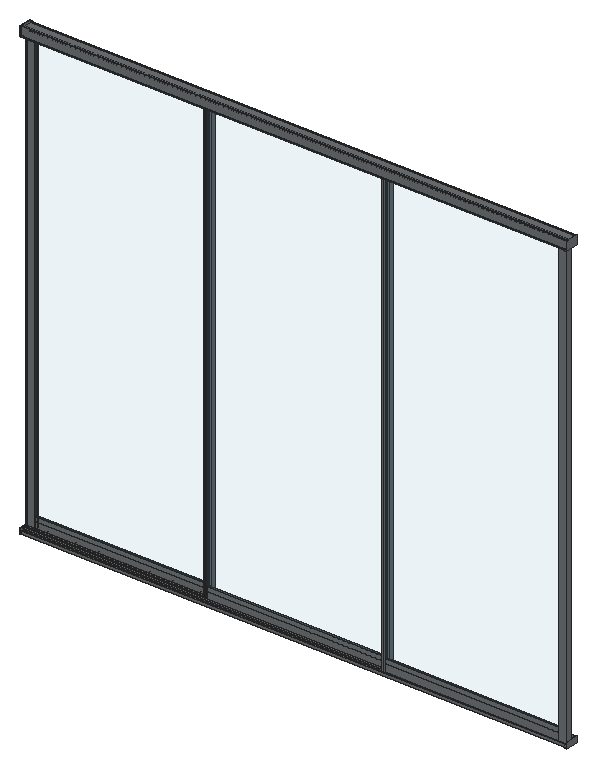
Revit family "Verano_V762_Talamanca_GM_R21", category Generic Models, Revit 2021
Family settings
  Can host rebar = No
  Round Connector Dimension = Use Diameter
  Part Type = Normal
  Work Plane-Based = No
  Always vertical = Yes
  Cut with Voids When Loaded = No
  Shared = No
  Room Calculation Point = No
Parameters (values of type "3 Track")
  Width [instance] = Overall Width Constraint  # 3000 mm
  Warning - Width [instance] = if(or(Width Input < Minimal Width, Width Input > Maximal Width), 1 = 1, 1 = 0)  # no
  Warning - Height [instance] = if(or(Height Input < Minimal Height, Height Input > Maximal Height), 1 = 1, 1 = 0)  # no
  URL = "https://verano.nl/catalogus/windschermen-schuttingen"
  TRACKS = 3
  Segment Width Calc [instance] = (Overall Width Constraint + (TRACKS - 1) * 30 mm) / TRACKS  # 1020 mm
  Segment Width [instance] = if(TRACKS = 3, Overall Width Constraint / 3 + 20.8 mm, if(TRACKS = 4, Overall Width Constraint / 4 + 20.8 mm, if(TRACKS = 5, Overall Width Constraint / 5 + 20.8 mm, Overall Width Constraint / 6 + 20.8 mm)))  # 1020.8 mm
  Panel Material [instance] = Glass
  Overall Width Constraint [instance] = if(Width Input < Minimal Width, Minimal Width, if(Width Input > Maximal Width, Maximal Width, Width Input))  # 3000 mm
  Width Input [instance] = 3000 mm
  Overall Height Constraint [instance] = if(Height Input < Minimal Height, Minimal Height, if(Height Input > Maximal Height, Maximal Height, Height Input))  # 2500 mm
  Height Input [instance] = 2500 mm
  Opening Minimum = 0 mm  # constant formula
  Opening Maximum [instance] = Overall Width Constraint - Segment Width Calc  # 1980 mm
  Offset 6 [instance] = (Segment Width Calc - 30 mm) * Closing Percentage % / 100 * 5  # 4950 mm
  Offset 5 [instance] = (Segment Width Calc - 30 mm) * Closing Percentage % / 100 * 4  # 3960 mm
  Offset 4 [instance] = (Segment Width Calc - 30 mm) * Closing Percentage % / 100 * 3  # 2970 mm
  Offset 3 [instance] = (Segment Width Calc - 30 mm) * Closing Percentage % / 100 * 2  # 1980 mm
  Offset 2 [instance] = (Segment Width Calc - 30 mm) * Closing Percentage % / 100  # 990 mm
  Offset 1 [instance] = 0 mm  # constant formula
  Model = "V762 Talamanca"
  Maximal Height = 3000 mm  # constant formula
  Minimal Width = if([3 Track], 2000 mm, if([4 Track], 3000 mm, if([5 Track], 4000 mm, 4500 mm)))  # 2000 mm
  Minimal Height = 1000 mm  # constant formula
  Maximal Width = if([3 Track], 3250 mm, if([4 Track], 4500 mm, if([5 Track], 5500 mm, 6000 mm)))  # 3250 mm
  Manufacturer = "Verano Systems"
  Height [instance] = Overall Height Constraint  # 2500 mm
  Frame Material = V_Antracite
  Default Elevation = 0 mm
  Closing Percentage % [instance] = 100
  6 Track = TRACKS = 6  # no
  5 Track = TRACKS = 5  # no
  4 Track = TRACKS = 4  # no
  3rd = if(or([4 Track], [5 Track], [6 Track]), 1 = 1, 1 = 0)  # no
  3 Track = TRACKS = 3  # yes
Reference planes
  plane 1 "Center (Front/Back)": y = 0
  plane 2: z = 0
  plane 3 "Center (Left/Right)": x = 0
  plane 4: x = -1500
  plane 5: x = 1500
  plane 6: z = 2500
  plane 7: y = -14.1
  plane 8: y = -32.599
  plane 9: y = -51.097
  plane 10 "1": x = -1500
  plane 11 "2": x = -510
  plane 12 "3": x = 480
  plane 13: x = 1470
  plane 14: x = 2460
  plane 15: x = 3450
  plane 16: y = -69.596
  plane 17: y = -88.095
  plane 18: y = -106.612
Dimensions and locks
  equal spacing: plane 4, plane 3 "Center (Left/Right)", plane 5
  "Overall Width Constraint": plane 4 to plane 5
  "Overall Height Constraint": plane 6 to level
  locked: plane 1 "Center (Front/Back)" to plane 7 at 14.1
  "Offset 1": plane 4 to plane 10 "1"
  "Offset 2": plane 4 to plane 11 "2"
  "Offset 3": plane 4 to plane 12 "3"
  "Offset 4": plane 4 to plane 13
  "Offset 5": plane 4 to plane 14
  "Offset 6": plane 4 to plane 15
  aligned and locked: level to plane 2
  aligned and locked: nested 1 to plane 1 "Center (Front/Back)"
  aligned and locked: plane 3 "Center (Left/Right)" to nested 2
  aligned and locked: plane 1 "Center (Front/Back)" to nested 2
  aligned and locked: plane 7 to nested 3
  aligned and locked: plane 10 "1" to nested 3
  aligned and locked: plane 11 "2" to nested 4
  aligned and locked: plane 12 "3" to nested 5
  aligned and locked: plane 9 to nested 5
  aligned and locked: plane 12 "3" to nested 6
  aligned and locked: plane 16 to nested 7
  aligned and locked: plane 13 to nested 7
  aligned and locked: plane 17 to nested 9
  aligned and locked: plane 16 to nested 10
  aligned and locked: plane 17 to nested 11
  aligned and locked: plane 14 to nested 11
  aligned and locked: plane 18 to nested 12
  aligned and locked: plane 15 to nested 12
  aligned and locked: plane 13 to nested 10
  aligned and locked: plane 13 to nested 8
  aligned and locked: plane 14 to nested 9
Nested families
  nested 1: "Bottom Guides" at (0, 0, 0) x (-1, 0, 0) z (0, 0, 1), type "Bottom Guides"
    with Length 3000 mm
  nested 2: "Top Tracks" at (0, 0, 2500), built-in parameter 1001360 <- "Overall Height Constraint", type "Top Tracks"
    with Length 3000 mm
  nested 3: "Glass w Frame" at (-990, -14.1, 0), type "Left"
    with Width 1020 mm, Vertical Profile Length 2430 mm, Height 2500 mm, Glass Width 920.8 mm, Glass Height 2476 mm, G3 no, G1 yes, Bottom Profile Length 1015 mm
  nested 4: "Glass w Frame" at (0.4, -32.599, 0), type "Middle"
    with Width 1020.8 mm, Vertical Profile Length 2430 mm, Height 2500 mm, Glass Height 2476 mm, Bottom Profile Length 1015.8 mm
  nested 5: "Glass w Frame" at (990.4, -51.097, 0), visible <- "3 Track", type "Right"
    with Width 1020.8 mm, Vertical Profile Length 2430 mm, Height 2500 mm, Glass Height 2476 mm, Bottom Profile Length 1015.8 mm
  nested 6: "Glass w Frame" at (990.4, -51.097, 0), visible <- "3rd", type "Middle"
    with Width 1020.8 mm, Vertical Profile Length 2430 mm, Height 2500 mm, Glass Height 2476 mm, Bottom Profile Length 1015.8 mm
  nested 7: "Glass w Frame" at (1980.4, -69.596, 0), visible <- "4 Track", type "Right"
    with Width 1020.8 mm, Vertical Profile Length 2430 mm, Height 2500 mm, Glass Height 2476 mm, Bottom Profile Length 1015.8 mm
  nested 8: "Glass w Frame" at (1980.4, -69.596, 0), visible <- "5 Track", type "Middle"
    with Width 1020.8 mm, Vertical Profile Length 2430 mm, Height 2500 mm, Glass Height 2476 mm, Bottom Profile Length 1015.8 mm
  nested 9: "Glass w Frame" at (2970.4, -88.095, 0), visible <- "5 Track", type "Right"
    with Width 1020.8 mm, Vertical Profile Length 2430 mm, Height 2500 mm, Glass Height 2476 mm, Bottom Profile Length 1015.8 mm
  nested 10: "Glass w Frame" at (1980.4, -69.596, 0), visible <- "6 Track", type "Middle"
    with Width 1020.8 mm, Vertical Profile Length 2430 mm, Height 2500 mm, Glass Height 2476 mm, Bottom Profile Length 1015.8 mm
  nested 11: "Glass w Frame" at (2970.4, -88.095, 0), visible <- "6 Track", type "Middle"
    with Width 1020.8 mm, Vertical Profile Length 2430 mm, Height 2500 mm, Glass Height 2476 mm, Bottom Profile Length 1015.8 mm
  nested 12: "Glass w Frame" at (3960.4, -106.612, 0), visible <- "6 Track", type "Right"
    with Width 1020.8 mm, Vertical Profile Length 2430 mm, Height 2500 mm, Glass Height 2476 mm, Bottom Profile Length 1015.8 mm
Definition of nested family "Bottom Guides"
  Parameters (values of type "Bottom Guides")
    Length = 4500 mm
    Frame Material = none
    Default Elevation = 0 mm
    6 = no
    5 = no
    4 = no
    3 = yes
  Reference planes
    plane 1 "Center (Front/Back)": y = 0
    plane 2: z = 0
    plane 3 "Center (Left/Right)": x = 0
    plane 4: x = 2250
    plane 5: x = -2250
    plane 6: x = -2252
    plane 7: x = 2252
  Forms (mm)
    Extrusion 1, solid, material <- "Frame Material", visible <- "3"
      sketch origin (0, 0, 0) x (0, 1, 0) y (0, 0, 1)
        loop
          arc (0, 32.1) -> (-0.9, 33) -> (-1.8, 32.1) r 0.9
          line (-1.8, 32.1) -> (-1.8, 18.803) -> (-13, 18.292) -> (-13, 27.207) -> (-11.674, 27.207) -> (-11.674, 29.242)
          arc (-11.674, 29.242) -> (-14.1, 30.477) -> (-16.526, 29.242) r 3
          line (-16.526, 29.242) -> (-16.526, 27.207) -> (-15.243, 27.207) -> (-15.243, 18.352) -> (-31.499, 17.651) -> (-31.499, 26.561) -> (-30.173, 26.561) -> (-30.173, 28.596)
          arc (-30.173, 28.596) -> (-32.599, 29.831) -> (-35.025, 28.596) r 3
          line (-35.025, 28.596) -> (-35.025, 26.561) -> (-33.699, 26.561) -> (-33.699, 17.702) -> (-49.997, 16.999) -> (-49.997, 25.915) -> (-48.671, 25.915) -> (-48.671, 27.95)
          arc (-48.671, 27.95) -> (-51.097, 29.185) -> (-53.524, 27.95) r 3
          line (-53.524, 27.95) -> (-53.524, 25.915) -> (-52.197, 25.915) -> (-52.197, 17.04) -> (-64.235, 16.62)
          arc (-64.235, 16.62) -> (-64.919, 16.315) -> (-65.2, 15.62) r 1
          line (-65.2, 15.62) -> (-65.2, 0) -> (-61.741, 0) -> (-61.339, 1.5) -> (-63.4, 1.5) -> (-63.4, 14.848) -> (-55.826, 15.112) -> (-54.356, 5) -> (-51.9, 5) -> (-51.9, 1.5) -> (-53.961, 1.5) -> (-53.559, 0) -> (-50.1, 0) -> (-50.1, 5) -> (-47.837, 5) -> (-46.494, 14.553) -> (-37.202, 14.95) -> (-35.767, 5) -> (-31.179, 5) -> (-31.179, 1.5) -> (-33.861, 1.5) -> (-33.459, 0) -> (-28, 0) -> (-28, 1.5) -> (-29.376, 1.5) -> (-29.376, 5.366) -> (-27.994, 15.199) -> (-18.7, 15.596) -> (-17.176, 5) -> (-15.333, 5) -> (-15.333, 0) -> (-11.641, 0) -> (-11.239, 1.5) -> (-13.533, 1.5) -> (-13.533, 5) -> (-11.019, 5) -> (-9.381, 16.655) -> (-1.8, 17.001) -> (-1.8, 1.5) -> (-3.861, 1.5) -> (-3.459, 0) -> (0, 0) -> (0, 32.1)
      from -2250 to 2250
    Extrusion 2, solid, material <- "Frame Material", visible <- "3"
      sketch origin (0, 0, 0) x (0, 1, 0) y (0, 0, 1)
        loop
          line (0, 0) -> (0, 32.1) -> (-65.2, 29.288) -> (-65.2, 0) -> (0, 0)
      from -2252 to -2250
    Extrusion 3, solid, material <- "Frame Material", visible <- "3"
      sketch origin (0, 0, 0) x (0, 1, 0) y (0, 0, -1)
        loop
          line (0, 0) -> (-65.2, 0) -> (-65.2, -29.288) -> (0, -32.1) -> (0, 0)
      from -2252 to -2250
    Extrusion 4, solid, material <- "Frame Material", visible <- "4"
      sketch origin (0, 0, 0) x (0, 1, 0) y (0, 0, 1)
        loop
          arc (0, 32.1) -> (-0.9, 33) -> (-1.8, 32.1) r 0.9
          line (-1.8, 32.1) -> (-1.8, 18.8) -> (-13, 18.409) -> (-13, 27.207) -> (-11.674, 27.207) -> (-11.674, 29.242)
          arc (-11.674, 29.242) -> (-14.1, 30.477) -> (-16.526, 29.242) r 3
          line (-16.526, 29.242) -> (-16.526, 27.207) -> (-15.2, 27.207) -> (-15.2, 18.348) -> (-31.499, 17.652) -> (-31.499, 26.561) -> (-30.173, 26.561) -> (-30.173, 28.596)
          arc (-30.173, 28.596) -> (-32.599, 29.831) -> (-35.025, 28.596) r 3
          line (-35.025, 28.596) -> (-35.025, 26.561) -> (-33.699, 26.561) -> (-33.699, 17.686) -> (-49.997, 17.117) -> (-49.997, 25.915) -> (-48.671, 25.915) -> (-48.671, 27.95)
          arc (-48.671, 27.95) -> (-51.097, 29.185) -> (-53.524, 27.95) r 3
          line (-53.524, 27.95) -> (-53.524, 25.915) -> (-52.197, 25.915) -> (-52.197, 17.056) -> (-68.496, 16.36) -> (-68.496, 25.269) -> (-67.17, 25.269) -> (-67.17, 27.304)
          arc (-67.17, 27.304) -> (-69.596, 28.539) -> (-72.022, 27.304) r 3
          line (-72.022, 27.304) -> (-72.022, 25.269) -> (-70.696, 25.269) -> (-70.696, 16.394) -> (-82.735, 15.974)
          arc (-82.735, 15.974) -> (-83.419, 15.669) -> (-83.7, 14.974) r 1
          line (-83.7, 14.974) -> (-83.7, 0) -> (-80.265, 0) -> (-79.835, 1.5) -> (-81.9, 1.5) -> (-81.9, 14.202) -> (-74.334, 14.466) -> (-73.004, 5) -> (-70.4, 5) -> (-70.4, 1.5) -> (-72.461, 1.5) -> (-72.059, 0) -> (-68.6, 0) -> (-68.6, 5) -> (-66.197, 5) -> (-64.831, 14.714) -> (-55.833, 15.099) -> (-54.414, 5) -> (-52, 5) -> (-52, 1.5) -> (-61.011, 1.5) -> (-60.609, 0) -> (-41.591, 0) -> (-41.189, 1.5) -> (-50.2, 1.5) -> (-50.2, 5) -> (-47.785, 5) -> (-46.317, 15.444) -> (-37.325, 15.758) -> (-35.813, 5) -> (-31.179, 5) -> (-31.179, 1.5) -> (-33.861, 1.5) -> (-33.459, 0) -> (-29.38, 0) -> (-29.374, 5.011) -> (-27.829, 16.007) -> (-18.863, 16.39) -> (-17.263, 5) -> (-15.333, 5) -> (-15.333, 0) -> (-11.659, 0) -> (-11.234, 1.5) -> (-13.533, 1.5) -> (-13.533, 5) -> (-10.937, 5) -> (-9.288, 16.737) -> (-1.8, 16.999) -> (-1.8, 1.5) -> (-3.861, 1.5) -> (-3.459, 0) -> (0, 0) -> (0, 32.1)
      from -2250 to 2250
    Extrusion 5, solid, material <- "Frame Material", visible <- "4"
      sketch origin (0, 0, 0) x (0, 1, 0) y (0, 0, 1)
        loop
          line (0, 0) -> (0, 32.1) -> (-83.7, 29.177) -> (-83.7, 0) -> (0, 0)
      from 2250 to 2252
    Extrusion 6, solid, material <- "Frame Material", visible <- "4"
      sketch origin (0, 0, 0) x (0, 1, 0) y (0, 0, -1)
        loop
          line (0, 0) -> (-83.7, 0) -> (-83.7, -29.177) -> (0, -32.1) -> (0, 0)
      from 2250 to 2252
    Extrusion 7, solid, material <- "Frame Material", visible <- "5"
      sketch origin (0, 0, 0) x (0, 1, 0) y (0, 0, 1)
        loop
          line (0, 0) -> (0, 32.1)
          arc (0, 32.1) -> (-0.9, 33) -> (-1.8, 32.1) r 0.9
          line (-1.8, 32.1) -> (-1.8, 18.8) -> (-13, 18.409) -> (-13, 27.207) -> (-11.674, 27.207) -> (-11.674, 29.242)
          arc (-11.674, 29.242) -> (-14.1, 30.477) -> (-16.526, 29.242) r 3
          line (-16.526, 29.242) -> (-16.526, 27.207) -> (-15.2, 27.207) -> (-15.2, 18.213) -> (-31.499, 17.78) -> (-31.499, 26.561) -> (-30.173, 26.561) -> (-30.173, 28.596)
          arc (-30.173, 28.596) -> (-32.599, 29.831) -> (-35.025, 28.596) r 3
          line (-35.025, 28.596) -> (-35.025, 26.561) -> (-33.699, 26.561) -> (-33.699, 17.567) -> (-49.997, 17.134) -> (-49.997, 25.915) -> (-48.671, 25.915) -> (-48.671, 27.95)
          arc (-48.671, 27.95) -> (-51.097, 29.185) -> (-53.524, 27.95) r 3
          line (-53.524, 27.95) -> (-53.524, 25.915) -> (-52.197, 25.915) -> (-52.197, 16.921) -> (-68.496, 16.488) -> (-68.496, 25.269) -> (-67.17, 25.269) -> (-67.17, 27.304)
          arc (-67.17, 27.304) -> (-69.596, 28.54) -> (-72.022, 27.304) r 3
          line (-72.022, 27.304) -> (-72.022, 25.269) -> (-70.696, 25.269) -> (-70.696, 16.275) -> (-86.995, 15.842) -> (-86.995, 24.623) -> (-85.669, 24.623) -> (-85.669, 26.658)
          arc (-85.669, 26.658) -> (-88.095, 27.894) -> (-90.521, 26.658) r 3
          line (-90.521, 26.658) -> (-90.521, 24.623) -> (-89.195, 24.623) -> (-89.195, 15.625) -> (-101.235, 15.328)
          arc (-101.235, 15.328) -> (-101.919, 15.023) -> (-102.2, 14.328) r 1
          line (-102.2, 14.328) -> (-102.2, 0) -> (-98.741, 0) -> (-98.339, 1.5) -> (-100.4, 1.5) -> (-100.4, 13.556) -> (-1.8, 16.999) -> (-1.8, 1.5) -> (-3.861, 1.5) -> (-3.459, 0) -> (0, 0)
      from -2250 to 2250
    Extrusion 8, solid, material <- "Frame Material", visible <- "5"
      sketch origin (0, 0, 0) x (0, 1, 0) y (0, 0, 1)
        loop
          line (0, 32.1) -> (-102.2, 28.531) -> (-102.2, 0) -> (0, 0) -> (0, 32.1)
      from 2250 to 2252
    Extrusion 9, solid, material <- "Frame Material", visible <- "5"
      sketch origin (0, 0, 0) x (0, 1, 0) y (0, 0, -1)
        loop
          line (0, -32.1) -> (0, 0) -> (-102.2, 0) -> (-102.2, -28.531) -> (0, -32.1)
      from 2250 to 2252
    Extrusion 10, solid, material <- "Frame Material", visible <- "6"
      sketch origin (0, 0, 0) x (0, 1, 0) y (0, 0, 1)
        loop
          arc (0, 32.096) -> (-0.9, 32.996) -> (-1.8, 32.096) r 0.9
          line (-1.8, 32.096) -> (-1.8, 18.799) -> (-13, 18.288) -> (-13, 27.203) -> (-11.674, 27.203) -> (-11.674, 29.238)
          arc (-11.674, 29.238) -> (-14.1, 30.474) -> (-16.526, 29.238) r 3
          line (-16.526, 29.238) -> (-16.526, 27.203) -> (-15.2, 27.203) -> (-15.2, 18.344) -> (-31.5, 17.647) -> (-31.5, 26.557) -> (-30.174, 26.557) -> (-30.174, 28.592)
          arc (-30.174, 28.592) -> (-32.6, 29.827) -> (-35.026, 28.592) r 3
          line (-35.026, 28.592) -> (-35.026, 26.557) -> (-33.7, 26.557) -> (-33.7, 17.698) -> (-50, 17.001) -> (-50, 25.911) -> (-48.674, 25.911) -> (-48.674, 27.946)
          arc (-48.674, 27.946) -> (-51.1, 29.181) -> (-53.526, 27.946) r 3
          line (-53.526, 27.946) -> (-53.526, 25.911) -> (-52.2, 25.911) -> (-52.2, 17.052) -> (-68.5, 16.355) -> (-68.5, 25.265) -> (-67.174, 25.265) -> (-67.174, 27.3)
          arc (-67.174, 27.3) -> (-69.6, 28.535) -> (-72.026, 27.3) r 3
          line (-72.026, 27.3) -> (-72.026, 25.265) -> (-70.7, 25.265) -> (-70.7, 16.406) -> (-87, 15.709) -> (-87, 24.619) -> (-85.674, 24.619) -> (-85.674, 26.654)
          arc (-85.674, 26.654) -> (-88.1, 27.889) -> (-90.526, 26.654) r 3
          line (-90.526, 26.654) -> (-90.526, 24.619) -> (-89.2, 24.619) -> (-89.2, 15.76) -> (-105.512, 15.063) -> (-105.512, 23.973) -> (-104.186, 23.973) -> (-104.186, 26.008)
          arc (-104.186, 26.008) -> (-106.612, 27.244) -> (-109.038, 26.008) r 3
          line (-109.038, 26.008) -> (-109.038, 23.973) -> (-107.712, 23.973) -> (-107.712, 15.097) -> (-119.746, 14.677)
          arc (-119.746, 14.677) -> (-120.431, 14.372) -> (-120.712, 13.678) r 1
          line (-120.712, 13.678) -> (-120.712, 0) -> (0, 0) -> (0, 32.096)
      from -2250 to 2250
    Extrusion 11, solid, material <- "Frame Material", visible <- "6"
      sketch origin (0, 0, 0) x (0, 1, 0) y (0, 0, 1)
        loop
          line (0, 32.096) -> (-120.712, 27.881) -> (-120.712, 0) -> (0, 0) -> (0, 32.096)
      from 2250 to 2252
    Extrusion 12, solid, material <- "Frame Material", visible <- "6"
      sketch origin (0, 0, 0) x (0, 1, 0) y (0, 0, -1)
        loop
          line (0, -32.096) -> (0, 0) -> (-120.712, 0) -> (-120.712, -27.881) -> (0, -32.096)
      from 2250 to 2252
  Dimensions and locks
    equal spacing: plane 5, plane 3 "Center (Left/Right)", plane 4
    "Length": plane 5 to plane 4
    locked: plane 4 to plane 7 at 2
    locked: plane 6 to plane 5 at 2
    aligned and locked: level to plane 2
    aligned and locked: Extrusion 1 to plane 5
    aligned and locked: plane 4 to Extrusion 1
    aligned and locked: plane 5 to Extrusion 2
    aligned and locked: Extrusion 2 to plane 6
    aligned and locked: Extrusion 3 to plane 4
    aligned and locked: plane 7 to Extrusion 3
    aligned and locked: Extrusion 4 to plane 5
    aligned and locked: plane 4 to Extrusion 4
    aligned and locked: Extrusion 5 to plane 4
    aligned and locked: plane 7 to Extrusion 5
    aligned and locked: plane 5 to Extrusion 6
    aligned and locked: Extrusion 6 to plane 6
    aligned and locked: Extrusion 7 to plane 5
    aligned and locked: plane 4 to Extrusion 7
    aligned and locked: plane 5 to Extrusion 9
    aligned and locked: Extrusion 9 to plane 6
    aligned and locked: Extrusion 8 to plane 4
    aligned and locked: plane 7 to Extrusion 8
    aligned and locked: plane 4 to Extrusion 10
    aligned and locked: Extrusion 10 to plane 5
    aligned and locked: Extrusion 11 to plane 4
    aligned and locked: plane 7 to Extrusion 11
    aligned and locked: plane 5 to Extrusion 12
    aligned and locked: Extrusion 12 to plane 6
  Automatic sketch dimensions
    Extrusion 1 sketch curve to level = 0 mm  (x5)
    Extrusion 1 sketch curve to plane 1 "Center (Front/Back)" = 0 mm
    plane 1 "Center (Front/Back)" to Extrusion 1 sketch curve = 0.9 mm
    plane 1 "Center (Front/Back)" to Extrusion 1 sketch curve = 1.8 mm
    Extrusion 1 sketch curve to Extrusion 1 sketch curve = 1.659 mm  (x2)
    level to Extrusion 1 sketch curve = 1.5 mm  (x6)
    Extrusion 1 sketch curve to Extrusion 1 sketch curve = 0.402 mm  (x5)
    Extrusion 1 sketch curve to Extrusion 1 sketch curve = 7.581 mm
    level to Extrusion 1 sketch curve = 5 mm  (x2)
    Extrusion 1 sketch curve to Extrusion 1 sketch curve = 7.158 mm
    Extrusion 1 sketch curve to Extrusion 1 sketch curve = 0.221 mm
    Extrusion 1 sketch curve to Extrusion 1 sketch curve = 2.293 mm
    Extrusion 1 sketch curve to Extrusion 1 sketch curve = 3.619 mm
    Extrusion 1 sketch curve to Extrusion 1 sketch curve = 2.515 mm
    Extrusion 1 sketch curve to Extrusion 1 sketch curve = 1.1 mm  (x4)
    Extrusion 1 sketch curve to Extrusion 1 sketch curve = 2.243 mm
    Extrusion 1 sketch curve to Extrusion 1 sketch curve = 1.8 mm  (x3)
    Extrusion 1 sketch curve to Extrusion 1 sketch curve = 1.283 mm
    Extrusion 1 sketch curve to Extrusion 1 sketch curve = 1.842 mm
    Extrusion 1 sketch curve to Extrusion 1 sketch curve = 3.456 mm
    Extrusion 1 sketch curve to Extrusion 1 sketch curve = 9.295 mm
    Extrusion 1 sketch curve to Extrusion 1 sketch curve = 10.824 mm
    Extrusion 1 sketch curve to Extrusion 1 sketch curve = 1.376 mm
    Extrusion 1 sketch curve to Extrusion 1 sketch curve = 2.178 mm
    Extrusion 1 sketch curve to Extrusion 1 sketch curve = 0 mm  (x6)
    Extrusion 1 sketch curve to Extrusion 1 sketch curve = 1.803 mm
    Extrusion 1 sketch curve to Extrusion 1 sketch curve = 1.326 mm  (x4)
    Extrusion 1 sketch curve to Extrusion 1 sketch curve = 2.279 mm
    Extrusion 1 sketch curve to Extrusion 1 sketch curve = 2.2 mm  (x2)
    Extrusion 1 sketch curve to Extrusion 1 sketch curve = 1.906 mm
    level to Extrusion 1 sketch curve = 14.95 mm
    Extrusion 1 sketch curve to Extrusion 1 sketch curve = 3.503 mm  (x2)
    level to Extrusion 1 sketch curve = 14.553 mm
    Extrusion 1 sketch curve to Extrusion 1 sketch curve = 9.292 mm
    Extrusion 1 sketch curve to Extrusion 1 sketch curve = 1.343 mm
    Extrusion 1 sketch curve to Extrusion 1 sketch curve = 2.177 mm
    level to Extrusion 1 sketch curve = 16.999 mm
    Extrusion 1 sketch curve to Extrusion 1 sketch curve = 2.263 mm
    level to Extrusion 1 sketch curve = 17.04 mm
    Extrusion 1 sketch curve to Extrusion 1 sketch curve = 2.456 mm
    level to Extrusion 1 sketch curve = 15.112 mm
    Extrusion 1 sketch curve to Extrusion 1 sketch curve = 3.628 mm
    Extrusion 1 sketch curve to Extrusion 1 sketch curve = 7.379 mm
    Extrusion 1 sketch curve to Extrusion 1 sketch curve = 2.061 mm
    Extrusion 1 sketch curve to Extrusion 1 sketch curve = 0.8 mm
    level to Extrusion 1 sketch curve = 16.62 mm
    Extrusion 1 sketch curve to Extrusion 1 sketch curve = 0.035 mm
    level to Extrusion 1 sketch curve = 15.62 mm
    Extrusion 1 sketch curve to Extrusion 1 sketch curve = 1 mm
    Extrusion 1 sketch curve to Extrusion 1 sketch curve = 3.5 mm
    Extrusion 1 sketch curve to Extrusion 1 sketch curve = 0.366 mm
    Extrusion 1 sketch curve to Extrusion 1 sketch curve = 0.773 mm
    Extrusion 1 sketch curve to Extrusion 1 sketch curve = 0.249 mm
    Extrusion 1 sketch curve to Extrusion 1 sketch curve = 0.397 mm
    Extrusion 1 sketch curve to Extrusion 1 sketch curve = 1.059 mm
    Extrusion 1 sketch curve to Extrusion 1 sketch curve = 0.346 mm
    Extrusion 1 sketch curve to Extrusion 1 sketch curve = 2.452 mm
    Extrusion 1 sketch curve to Extrusion 1 sketch curve = 0.051 mm
    Extrusion 1 sketch curve to Extrusion 1 sketch curve = 1.637 mm
    Extrusion 1 sketch curve to Extrusion 1 sketch curve = 0.06 mm
    Extrusion 1 sketch curve to Extrusion 1 sketch curve = 1.802 mm
    Extrusion 1 sketch curve to Extrusion 1 sketch curve = 8.875 mm
    Extrusion 1 sketch curve to Extrusion 1 sketch curve = 0.271 mm  (x3)
    Extrusion 1 sketch curve to Extrusion 1 sketch curve = 8.859 mm
    Extrusion 1 sketch curve to Extrusion 1 sketch curve = 8.915 mm
    Extrusion 1 sketch curve to Extrusion 1 sketch curve = 2.035 mm  (x3)
    Extrusion 1 sketch curve to Extrusion 1 sketch curve = 2.858 mm
    Extrusion 2 sketch curve to level = 0 mm
    Extrusion 2 sketch curve to plane 1 "Center (Front/Back)" = 0 mm
    level to Extrusion 2 sketch curve = 29.288 mm
    plane 1 "Center (Front/Back)" to Extrusion 2 sketch curve = 65.2 mm
    Extrusion 2 sketch curve to Extrusion 2 sketch curve = 0 mm
    level to Extrusion 2 sketch curve = 32.1 mm
    Extrusion 3 sketch curve to level = 0 mm
    Extrusion 3 sketch curve to plane 1 "Center (Front/Back)" = 0 mm
    level to Extrusion 3 sketch curve = 29.288 mm
    plane 1 "Center (Front/Back)" to Extrusion 3 sketch curve = 65.2 mm
    Extrusion 3 sketch curve to Extrusion 3 sketch curve = 0 mm
    level to Extrusion 3 sketch curve = 32.1 mm
    Extrusion 4 sketch curve to level = 0 mm  (x6)
    Extrusion 4 sketch curve to plane 1 "Center (Front/Back)" = 0 mm
    plane 1 "Center (Front/Back)" to Extrusion 4 sketch curve = 0.9 mm
    plane 1 "Center (Front/Back)" to Extrusion 4 sketch curve = 1.8 mm
    Extrusion 4 sketch curve to Extrusion 4 sketch curve = 1.659 mm  (x2)
    Extrusion 4 sketch curve to Extrusion 4 sketch curve = 0.402 mm  (x5)
    Extrusion 4 sketch curve to Extrusion 4 sketch curve = 7.488 mm
    level to Extrusion 4 sketch curve = 5 mm  (x8)
    Extrusion 4 sketch curve to Extrusion 4 sketch curve = 7.077 mm
    level to Extrusion 4 sketch curve = 1.5 mm  (x7)
    Extrusion 4 sketch curve to Extrusion 4 sketch curve = 0.296 mm
    Extrusion 4 sketch curve to Extrusion 4 sketch curve = 0.426 mm
    Extrusion 4 sketch curve to Extrusion 4 sketch curve = 2.386 mm
    Extrusion 4 sketch curve to Extrusion 4 sketch curve = 3.712 mm
    Extrusion 4 sketch curve to Extrusion 4 sketch curve = 2.3 mm
    Extrusion 4 sketch curve to Extrusion 4 sketch curve = 1.1 mm  (x7)
    Extrusion 4 sketch curve to Extrusion 4 sketch curve = 2.2 mm  (x2)
    Extrusion 4 sketch curve to Extrusion 4 sketch curve = 1.8 mm  (x6)
    Extrusion 4 sketch curve to Extrusion 4 sketch curve = 1.326 mm  (x6)
    Extrusion 4 sketch curve to Extrusion 4 sketch curve = 1.929 mm
    Extrusion 4 sketch curve to Extrusion 4 sketch curve = 3.663 mm
    Extrusion 4 sketch curve to Extrusion 4 sketch curve = 8.966 mm
    level to Extrusion 4 sketch curve = 5.011 mm
    Extrusion 4 sketch curve to Extrusion 4 sketch curve = 1.545 mm
    Extrusion 4 sketch curve to Extrusion 4 sketch curve = 0.005 mm
    Extrusion 4 sketch curve to Extrusion 4 sketch curve = 2.343 mm
    Extrusion 4 sketch curve to Extrusion 4 sketch curve = 0 mm  (x10)
    Extrusion 4 sketch curve to Extrusion 4 sketch curve = 1.799 mm
    Extrusion 4 sketch curve to Extrusion 4 sketch curve = 1.805 mm
    Extrusion 4 sketch curve to Extrusion 4 sketch curve = 2.279 mm
    Extrusion 4 sketch curve to Extrusion 4 sketch curve = 1.953 mm
    level to Extrusion 4 sketch curve = 15.758 mm
    Extrusion 4 sketch curve to Extrusion 4 sketch curve = 3.626 mm
    Extrusion 4 sketch curve to Extrusion 4 sketch curve = 5.376 mm
    level to Extrusion 4 sketch curve = 15.444 mm
    Extrusion 4 sketch curve to Extrusion 4 sketch curve = 8.992 mm
    Extrusion 4 sketch curve to Extrusion 4 sketch curve = 6.596 mm
    Extrusion 4 sketch curve to Extrusion 4 sketch curve = 2.354 mm
    level to Extrusion 4 sketch curve = 27.95 mm
    level to Extrusion 4 sketch curve = 17.117 mm
    Extrusion 4 sketch curve to Extrusion 4 sketch curve = 3.68 mm
    Extrusion 4 sketch curve to Extrusion 4 sketch curve = 2.415 mm
    level to Extrusion 4 sketch curve = 17.056 mm
    Extrusion 4 sketch curve to Extrusion 4 sketch curve = 2.414 mm
    level to Extrusion 4 sketch curve = 15.099 mm
    Extrusion 4 sketch curve to Extrusion 4 sketch curve = 3.635 mm
    Extrusion 4 sketch curve to Extrusion 4 sketch curve = 6.195 mm
    level to Extrusion 4 sketch curve = 14.714 mm
    Extrusion 4 sketch curve to Extrusion 4 sketch curve = 8.999 mm
    Extrusion 4 sketch curve to Extrusion 4 sketch curve = 5.186 mm
    Extrusion 4 sketch curve to Extrusion 4 sketch curve = 2.339 mm
    Extrusion 4 sketch curve to Extrusion 4 sketch curve = 3.665 mm
    Extrusion 4 sketch curve to Extrusion 4 sketch curve = 2.403 mm
    Extrusion 4 sketch curve to Extrusion 4 sketch curve = 2.604 mm
    level to Extrusion 4 sketch curve = 14.466 mm
    Extrusion 4 sketch curve to Extrusion 4 sketch curve = 3.638 mm
    Extrusion 4 sketch curve to Extrusion 4 sketch curve = 7.374 mm
    Extrusion 4 sketch curve to Extrusion 4 sketch curve = 0.43 mm
    Extrusion 4 sketch curve to Extrusion 4 sketch curve = 2.065 mm
    Extrusion 4 sketch curve to Extrusion 4 sketch curve = 0.8 mm
    level to Extrusion 4 sketch curve = 15.974 mm
    Extrusion 4 sketch curve to Extrusion 4 sketch curve = 0.035 mm  (x3)
    level to Extrusion 4 sketch curve = 14.974 mm
    Extrusion 4 sketch curve to Extrusion 4 sketch curve = 1 mm
    Extrusion 4 sketch curve to Extrusion 4 sketch curve = 0.773 mm
    Extrusion 4 sketch curve to Extrusion 4 sketch curve = 0.248 mm
    Extrusion 4 sketch curve to Extrusion 4 sketch curve = 1.645 mm  (x2)
    Extrusion 4 sketch curve to Extrusion 4 sketch curve = 0.383 mm
    Extrusion 4 sketch curve to Extrusion 4 sketch curve = 0.348 mm
    Extrusion 4 sketch curve to Extrusion 4 sketch curve = 0.261 mm
    Extrusion 4 sketch curve to Extrusion 4 sketch curve = 1.958 mm
    Extrusion 4 sketch curve to Extrusion 4 sketch curve = 0.061 mm
    Extrusion 4 sketch curve to Extrusion 4 sketch curve = 1.801 mm
    Extrusion 4 sketch curve to Extrusion 4 sketch curve = 8.909 mm  (x2)
    Extrusion 4 sketch curve to Extrusion 4 sketch curve = 0.271 mm  (x4)
    Extrusion 4 sketch curve to Extrusion 4 sketch curve = 2.035 mm  (x5)
    Extrusion 4 sketch curve to Extrusion 4 sketch curve = 8.798 mm
    Extrusion 4 sketch curve to Extrusion 4 sketch curve = 2.858 mm
    Extrusion 5 sketch curve to level = 0 mm
    Extrusion 5 sketch curve to plane 1 "Center (Front/Back)" = 0 mm
    level to Extrusion 5 sketch curve = 29.177 mm
    plane 1 "Center (Front/Back)" to Extrusion 5 sketch curve = 83.7 mm
    Extrusion 5 sketch curve to Extrusion 5 sketch curve = 0 mm
    level to Extrusion 5 sketch curve = 32.1 mm
    Extrusion 6 sketch curve to level = 0 mm
    Extrusion 6 sketch curve to plane 1 "Center (Front/Back)" = 0 mm
    level to Extrusion 6 sketch curve = 29.177 mm
    plane 1 "Center (Front/Back)" to Extrusion 6 sketch curve = 83.7 mm
    Extrusion 6 sketch curve to Extrusion 6 sketch curve = 0 mm
    level to Extrusion 6 sketch curve = 32.1 mm
    Extrusion 7 sketch curve to level = 0 mm
    Extrusion 7 sketch curve to plane 1 "Center (Front/Back)" = 0 mm
    plane 1 "Center (Front/Back)" to Extrusion 7 sketch curve = 0.9 mm
    plane 1 "Center (Front/Back)" to Extrusion 7 sketch curve = 1.8 mm
    Extrusion 7 sketch curve to Extrusion 7 sketch curve = 1.659 mm
    Extrusion 7 sketch curve to Extrusion 7 sketch curve = 0.402 mm  (x2)
    Extrusion 7 sketch curve to Extrusion 7 sketch curve = 9.874 mm
    Extrusion 7 sketch curve to Extrusion 7 sketch curve = 1.326 mm  (x10)
    Extrusion 7 sketch curve to Extrusion 7 sketch curve = 1.1 mm  (x6)
    Extrusion 7 sketch curve to Extrusion 7 sketch curve = 2.2 mm  (x5)
    Extrusion 7 sketch curve to Extrusion 7 sketch curve = 13.647 mm  (x4)
    Extrusion 7 sketch curve to Extrusion 7 sketch curve = 0 mm  (x8)
    level to Extrusion 7 sketch curve = 27.304 mm
    level to Extrusion 7 sketch curve = 16.275 mm
    level to Extrusion 7 sketch curve = 26.658 mm
    level to Extrusion 7 sketch curve = 15.625 mm
    level to Extrusion 7 sketch curve = 1.5 mm  (x2)
    Extrusion 7 sketch curve to Extrusion 7 sketch curve = 9.144 mm
    level to Extrusion 7 sketch curve = 0 mm
    level to Extrusion 7 sketch curve = 13.556 mm
    Extrusion 7 sketch curve to Extrusion 7 sketch curve = 11.205 mm
    Extrusion 7 sketch curve to Extrusion 7 sketch curve = 2.061 mm
    Extrusion 7 sketch curve to Extrusion 7 sketch curve = 0.8 mm
    level to Extrusion 7 sketch curve = 15.328 mm
    Extrusion 7 sketch curve to Extrusion 7 sketch curve = 0.035 mm
    Extrusion 7 sketch curve to Extrusion 7 sketch curve = 1.8 mm
    level to Extrusion 7 sketch curve = 14.328 mm
    Extrusion 7 sketch curve to Extrusion 7 sketch curve = 1 mm
    Extrusion 7 sketch curve to Extrusion 7 sketch curve = 0.216 mm
    Extrusion 7 sketch curve to Extrusion 7 sketch curve = 0.213 mm  (x3)
    Extrusion 7 sketch curve to Extrusion 7 sketch curve = 0.433 mm  (x2)
    Extrusion 7 sketch curve to Extrusion 7 sketch curve = 15.499 mm
    Extrusion 7 sketch curve to Extrusion 7 sketch curve = 1.214 mm
    Extrusion 7 sketch curve to Extrusion 7 sketch curve = 0.196 mm
    Extrusion 7 sketch curve to Extrusion 7 sketch curve = 1.801 mm
    Extrusion 7 sketch curve to Extrusion 7 sketch curve = 2.035 mm  (x6)
    Extrusion 7 sketch curve to Extrusion 7 sketch curve = 0.271 mm  (x5)
    Extrusion 7 sketch curve to Extrusion 7 sketch curve = 8.781 mm  (x2)
    Extrusion 7 sketch curve to Extrusion 7 sketch curve = 8.798 mm
    Extrusion 7 sketch curve to Extrusion 7 sketch curve = 2.858 mm
    Extrusion 8 sketch curve to level = 0 mm
    Extrusion 8 sketch curve to plane 1 "Center (Front/Back)" = 0 mm
    plane 1 "Center (Front/Back)" to Extrusion 8 sketch curve = 102.2 mm
    level to Extrusion 8 sketch curve = 28.531 mm
    Extrusion 8 sketch curve to Extrusion 8 sketch curve = 0 mm
    level to Extrusion 8 sketch curve = 32.1 mm
    Extrusion 9 sketch curve to level = 0 mm
    Extrusion 9 sketch curve to plane 1 "Center (Front/Back)" = 0 mm
    plane 1 "Center (Front/Back)" to Extrusion 9 sketch curve = 102.2 mm
    level to Extrusion 9 sketch curve = 28.531 mm
    Extrusion 9 sketch curve to Extrusion 9 sketch curve = 0 mm
    level to Extrusion 9 sketch curve = 32.1 mm
    Extrusion 10 sketch curve to level = 0 mm
    Extrusion 10 sketch curve to plane 1 "Center (Front/Back)" = 0 mm
    Extrusion 10 sketch curve to Extrusion 10 sketch curve = 0.9 mm
    Extrusion 10 sketch curve to Extrusion 10 sketch curve = 9.874 mm
    Extrusion 10 sketch curve to Extrusion 10 sketch curve = 1.326 mm  (x12)
    Extrusion 10 sketch curve to Extrusion 10 sketch curve = 1.1 mm  (x9)
    Extrusion 10 sketch curve to Extrusion 10 sketch curve = 13.648 mm  (x4)
    Extrusion 10 sketch curve to Extrusion 10 sketch curve = 2.2 mm  (x3)
    level to Extrusion 10 sketch curve = 15.76 mm
    level to Extrusion 10 sketch curve = 26.008 mm
    Extrusion 10 sketch curve to Extrusion 10 sketch curve = 13.659 mm
    Extrusion 10 sketch curve to Extrusion 10 sketch curve = 0 mm  (x8)
    level to Extrusion 10 sketch curve = 15.063 mm
    Extrusion 10 sketch curve to Extrusion 10 sketch curve = 12 mm
    level to Extrusion 10 sketch curve = 14.677 mm
    Extrusion 10 sketch curve to Extrusion 10 sketch curve = 0.035 mm  (x2)
    level to Extrusion 10 sketch curve = 13.678 mm
    Extrusion 10 sketch curve to Extrusion 10 sketch curve = 1 mm
    Extrusion 10 sketch curve to Extrusion 10 sketch curve = 0.05 mm  (x4)
    level to Extrusion 10 sketch curve = 16.355 mm
    level to Extrusion 10 sketch curve = 17.001 mm
    level to Extrusion 10 sketch curve = 17.647 mm
    level to Extrusion 10 sketch curve = 18.288 mm
    Extrusion 10 sketch curve to Extrusion 10 sketch curve = 0.056 mm
    Extrusion 10 sketch curve to Extrusion 10 sketch curve = 0.511 mm
    Extrusion 10 sketch curve to Extrusion 10 sketch curve = 2.035 mm  (x6)
    Extrusion 10 sketch curve to Extrusion 10 sketch curve = 0.271 mm  (x6)
    Extrusion 10 sketch curve to Extrusion 10 sketch curve = 8.859 mm  (x4)
    Extrusion 10 sketch curve to Extrusion 10 sketch curve = 8.909 mm
    Extrusion 10 sketch curve to Extrusion 10 sketch curve = 2.858 mm
    Extrusion 11 sketch curve to level = 0 mm
    Extrusion 11 sketch curve to plane 1 "Center (Front/Back)" = 0 mm
    level to Extrusion 11 sketch curve = 27.881 mm
    plane 1 "Center (Front/Back)" to Extrusion 11 sketch curve = 120.712 mm
    Extrusion 11 sketch curve to Extrusion 11 sketch curve = 0 mm
    level to Extrusion 11 sketch curve = 32.096 mm
    Extrusion 12 sketch curve to level = 0 mm
    Extrusion 12 sketch curve to plane 1 "Center (Front/Back)" = 0 mm
    level to Extrusion 12 sketch curve = 27.881 mm
    plane 1 "Center (Front/Back)" to Extrusion 12 sketch curve = 120.712 mm
    Extrusion 12 sketch curve to Extrusion 12 sketch curve = 0 mm
    level to Extrusion 12 sketch curve = 32.096 mm
Definition of nested family "Top Tracks"
  Parameters (values of type "Top Tracks")
    Length = 4500 mm
    Frame Material = none
    Default Elevation = 0 mm
    6 = no
    5 = no
    4 = no
    3 = yes
  Reference planes
    plane 1 "Center (Front/Back)": y = 0
    plane 2: z = 0
    plane 3 "Center (Left/Right)": x = 0
    plane 4: x = 2250
    plane 5: x = -2250
    plane 6: x = -2252
    plane 7: x = 2252
  Forms (mm)
    Extrusion 1, solid, material <- "Frame Material", visible <- "3"
      sketch origin (0, 0, 0) x (0, 1, 0) y (0, 0, 1)
        loop
          line (0, 0) -> (-3.8, 0) -> (-3.8, -1.5) -> (-1.8, -1.5) -> (-1.8, -7) -> (-63.4, -7) -> (-63.4, -1.5) -> (-61.407, -1.5) -> (-61.407, 0) -> (-65.2, 0) -> (-65.2, -49.102)
          arc (-65.2, -49.102) -> (-64.3, -50.002) -> (-63.4, -49.102) r 0.9
          line (-63.4, -49.102) -> (-63.4, -45.002) -> (-58.35, -45.002) -> (-58.35, -42.602) -> (-59.45, -42.602) -> (-59.45, -43.902) -> (-60.65, -43.902) -> (-60.65, -42.602) -> (-62.2, -42.602) -> (-62.2, -43.902) -> (-63.4, -43.902) -> (-63.4, -38.702) -> (-62.2, -38.702) -> (-62.2, -40.002) -> (-60.65, -40.002) -> (-60.65, -38.702) -> (-59.45, -38.702) -> (-59.45, -40.002) -> (-58.35, -40.002) -> (-58.35, -37.602) -> (-63.4, -37.602) -> (-63.4, -32.333) -> (-58.35, -32.333) -> (-58.35, -31.233) -> (-59.45, -31.233) -> (-59.45, -29.133) -> (-60.55, -29.133) -> (-60.55, -31.233) -> (-63.4, -31.233) -> (-63.4, -8.8) -> (-42.75, -8.8) -> (-42.75, -31.233) -> (-43.85, -31.233) -> (-43.85, -40.002) -> (-42.75, -40.002) -> (-42.75, -38.702) -> (-41.55, -38.702) -> (-41.55, -43.902) -> (-42.75, -43.902) -> (-42.75, -42.602) -> (-43.85, -42.602) -> (-43.85, -45.002) -> (-39.85, -45.002) -> (-39.85, -36.312) -> (-40.95, -36.312) -> (-40.95, -37.602) -> (-42.15, -37.602) -> (-42.15, -32.402) -> (-40.95, -32.402) -> (-40.95, -33.702) -> (-39.85, -33.702) -> (-39.85, -31.233) -> (-40.95, -31.233) -> (-40.95, -8.8) -> (-24.25, -8.8) -> (-24.25, -31.234) -> (-25.35, -31.234) -> (-25.35, -40.003) -> (-24.25, -40.003) -> (-24.25, -38.703) -> (-23.05, -38.703) -> (-23.05, -43.903) -> (-24.25, -43.903) -> (-24.25, -42.603) -> (-25.35, -42.603) -> (-25.35, -45.003) -> (-21.35, -45.003) -> (-21.35, -36.303) -> (-22.45, -36.303) -> (-22.45, -37.603) -> (-23.65, -37.603) -> (-23.65, -32.403) -> (-22.45, -32.403) -> (-22.45, -33.693) -> (-21.35, -33.693) -> (-21.35, -31.234) -> (-22.45, -31.234) -> (-22.45, -8.8) -> (-1.8, -8.8) -> (-1.8, -31.234) -> (-4.65, -31.234) -> (-4.65, -29.134) -> (-5.75, -29.134) -> (-5.75, -31.234) -> (-6.85, -31.234) -> (-6.85, -32.334) -> (-1.8, -32.334) -> (-1.8, -37.603) -> (-6.85, -37.603) -> (-6.85, -40.003) -> (-5.75, -40.003) -> (-5.75, -38.703) -> (-4.55, -38.703) -> (-4.55, -40.003) -> (-3, -40.003) -> (-3, -38.703) -> (-1.8, -38.703) -> (-1.8, -43.903) -> (-3, -43.903) -> (-3, -42.603) -> (-4.55, -42.603) -> (-4.55, -43.903) -> (-5.75, -43.903) -> (-5.75, -42.603) -> (-6.85, -42.603) -> (-6.85, -45.003) -> (-1.8, -45.003) -> (-1.8, -49.103)
          arc (-1.8, -49.103) -> (-0.9, -50.003) -> (0, -49.103) r 0.9
          line (0, -49.103) -> (0, 0)
      from -2250 to 2250
    Extrusion 2, solid, material <- "Frame Material", visible <- "3"
      sketch origin (0, 0, 0) x (0, 1, 0) y (0, 0, 1)
        loop
          line (0, 0) -> (-65.2, 0) -> (-65.2, -50) -> (0, -50) -> (0, 0)
      from 2250 to 2252
    Extrusion 3, solid, material <- "Frame Material", visible <- "3"
      sketch origin (0, 0, 0) x (0, 1, 0) y (0, 0, -1)
        loop
          line (0, 0) -> (0, 50) -> (-65.2, 50) -> (-65.2, 0) -> (0, 0)
      from 2250 to 2252
    Extrusion 4, solid, material <- "Frame Material", visible <- "4"
      sketch origin (0, 0, 0) x (0, 1, 0) y (0, 0, 1)
        loop
          line (0, -49.1) -> (0, 0) -> (-3.793, 0) -> (-3.793, -1.5) -> (-1.8, -1.5) -> (-1.8, -7) -> (-81.9, -7) -> (-81.9, -1.5) -> (-79.907, -1.5) -> (-79.907, 0) -> (-83.7, 0) -> (-83.7, -49.1)
          arc (-83.7, -49.1) -> (-82.8, -50) -> (-81.9, -49.1) r 0.9
          line (-81.9, -49.1) -> (-81.9, -45) -> (-76.85, -45) -> (-76.85, -42.6) -> (-77.95, -42.6) -> (-77.95, -43.9) -> (-79.15, -43.9) -> (-79.15, -42.6) -> (-80.7, -42.6) -> (-80.7, -43.9) -> (-81.9, -43.9) -> (-81.9, -38.7) -> (-80.7, -38.7) -> (-80.7, -40) -> (-79.15, -40) -> (-79.15, -38.7) -> (-77.95, -38.7) -> (-77.95, -40) -> (-76.85, -40) -> (-76.85, -37.6) -> (-81.9, -37.6) -> (-81.9, -32.331) -> (-76.85, -32.331) -> (-76.85, -31.231) -> (-77.95, -31.231) -> (-77.95, -29.131) -> (-79.05, -29.131) -> (-79.05, -31.231) -> (-81.9, -31.231) -> (-81.9, -8.8) -> (-61.25, -8.8) -> (-61.25, -31.231) -> (-62.35, -31.231) -> (-62.35, -40) -> (-61.25, -40) -> (-61.25, -38.7) -> (-60.05, -38.7) -> (-60.05, -43.9) -> (-61.25, -43.9) -> (-61.25, -42.6) -> (-62.35, -42.6) -> (-62.35, -45) -> (-58.35, -45) -> (-58.35, -36.31) -> (-59.45, -36.31) -> (-59.45, -37.6) -> (-60.65, -37.6) -> (-60.65, -32.4) -> (-59.45, -32.4) -> (-59.45, -33.7) -> (-58.35, -33.7) -> (-58.35, -31.231) -> (-59.45, -31.231) -> (-59.45, -8.8) -> (-42.75, -8.8) -> (-42.75, -31.231) -> (-43.85, -31.231) -> (-43.85, -40) -> (-42.75, -40) -> (-42.75, -38.7) -> (-41.55, -38.7) -> (-41.55, -43.9) -> (-42.75, -43.9) -> (-42.75, -42.6) -> (-43.85, -42.6) -> (-43.85, -45) -> (-39.85, -45) -> (-39.85, -36.3) -> (-40.95, -36.3) -> (-40.95, -37.6) -> (-42.15, -37.6) -> (-42.15, -32.4) -> (-40.95, -32.4) -> (-40.95, -33.7) -> (-39.85, -33.7) -> (-39.85, -31.231) -> (-40.95, -31.231) -> (-40.95, -8.8) -> (-24.25, -8.8) -> (-24.25, -31.231) -> (-25.35, -31.231) -> (-25.35, -40) -> (-24.25, -40) -> (-24.25, -38.7) -> (-23.05, -38.7) -> (-23.05, -43.9) -> (-24.25, -43.9) -> (-24.25, -42.6) -> (-25.35, -42.6) -> (-25.35, -45) -> (-21.35, -45) -> (-21.35, -36.3) -> (-22.45, -36.3) -> (-22.45, -37.6) -> (-23.65, -37.6) -> (-23.65, -32.4) -> (-22.45, -32.4) -> (-22.45, -33.7) -> (-21.35, -33.7) -> (-21.35, -31.231) -> (-22.45, -31.231) -> (-22.45, -8.8) -> (-1.8, -8.8) -> (-1.8, -31.231) -> (-4.65, -31.231) -> (-4.65, -29.131) -> (-5.75, -29.131) -> (-5.75, -31.231) -> (-6.861, -31.231) -> (-6.861, -32.331) -> (-1.8, -32.331) -> (-1.8, -37.6) -> (-6.85, -37.6) -> (-6.85, -40) -> (-5.75, -40) -> (-5.75, -38.7) -> (-4.55, -38.7) -> (-4.55, -40) -> (-3, -40) -> (-3, -38.7) -> (-1.8, -38.7) -> (-1.8, -43.9) -> (-3, -43.9) -> (-3, -42.6) -> (-4.55, -42.6) -> (-4.55, -43.9) -> (-5.75, -43.9) -> (-5.75, -42.6) -> (-6.85, -42.6) -> (-6.85, -45) -> (-1.8, -45) -> (-1.8, -49.1)
          arc (-1.8, -49.1) -> (-0.9, -50) -> (0, -49.1) r 0.9
      from -2250 to 2250
    Extrusion 5, solid, material <- "Frame Material", visible <- "4"
      sketch origin (0, 0, 0) x (0, 1, 0) y (0, 0, 1)
        loop
          line (0, 0) -> (-83.7, 0) -> (-83.7, -50) -> (0, -50) -> (0, 0)
      from 2250 to 2252
    Extrusion 6, solid, material <- "Frame Material", visible <- "4"
      sketch origin (0, 0, 0) x (0, 1, 0) y (0, 0, -1)
        loop
          line (0, 0) -> (0, 50) -> (-83.7, 50) -> (-83.7, 0) -> (0, 0)
      from 2250 to 2252
    Extrusion 7, solid, material <- "Frame Material", visible <- "5"
      sketch origin (0, 0, 0) x (0, 1, 0) y (0, 0, 1)
        loop
          line (0, -49.1) -> (0, 0) -> (-3.793, 0) -> (-3.793, -1.5) -> (-1.8, -1.5) -> (-1.8, -7) -> (-100.4, -7) -> (-100.4, -1.5) -> (-98.407, -1.5) -> (-98.407, 0) -> (-102.2, 0) -> (-102.2, -49.1)
          arc (-102.2, -49.1) -> (-101.3, -50) -> (-100.4, -49.1) r 0.9
          line (-100.4, -49.1) -> (-100.4, -45) -> (-95.35, -45) -> (-95.35, -42.6) -> (-96.45, -42.6) -> (-96.45, -43.9) -> (-97.65, -43.9) -> (-97.65, -42.6) -> (-99.2, -42.6) -> (-99.2, -43.9) -> (-100.4, -43.9) -> (-100.4, -38.7) -> (-99.2, -38.7) -> (-99.2, -40) -> (-97.65, -40) -> (-97.65, -38.7) -> (-96.45, -38.7) -> (-96.45, -40) -> (-95.35, -40) -> (-95.35, -37.6) -> (-100.4, -37.6) -> (-100.4, -32.331) -> (-95.35, -32.331) -> (-95.35, -31.231) -> (-96.45, -31.231) -> (-96.45, -29.131) -> (-97.55, -29.131) -> (-97.55, -31.231) -> (-100.4, -31.231) -> (-100.4, -8.8) -> (-79.75, -8.8) -> (-79.75, -31.231) -> (-80.85, -31.231) -> (-80.85, -40) -> (-79.75, -40) -> (-79.75, -38.7) -> (-78.55, -38.7) -> (-78.55, -43.9) -> (-79.75, -43.9) -> (-79.75, -42.6) -> (-80.85, -42.6) -> (-80.85, -45) -> (-76.85, -45) -> (-76.85, -36.313) -> (-77.95, -36.313) -> (-77.95, -37.6) -> (-79.15, -37.6) -> (-79.15, -32.4) -> (-77.95, -32.4) -> (-77.95, -33.7) -> (-76.85, -33.7) -> (-76.85, -31.231) -> (-77.95, -31.231) -> (-77.95, -8.8) -> (-61.25, -8.8) -> (-61.25, -31.231) -> (-62.35, -31.231) -> (-62.35, -40) -> (-61.25, -40) -> (-61.25, -38.7) -> (-60.05, -38.7) -> (-60.05, -43.9) -> (-61.25, -43.9) -> (-61.25, -42.6) -> (-62.35, -42.6) -> (-62.35, -45) -> (-58.35, -45) -> (-58.35, -36.313) -> (-59.45, -36.313) -> (-59.45, -37.6) -> (-60.65, -37.6) -> (-60.65, -32.4) -> (-59.45, -32.4) -> (-59.45, -33.7) -> (-58.35, -33.7) -> (-58.35, -31.231) -> (-59.45, -31.231) -> (-59.45, -8.8) -> (-42.75, -8.8) -> (-42.75, -31.231) -> (-43.85, -31.231) -> (-43.85, -40) -> (-42.75, -40) -> (-42.75, -38.7) -> (-41.55, -38.7) -> (-41.55, -43.896) -> (-42.75, -43.896) -> (-42.75, -42.6) -> (-43.85, -42.6) -> (-43.85, -45) -> (-39.85, -45) -> (-39.85, -36.313) -> (-40.95, -36.313) -> (-40.95, -37.6) -> (-42.15, -37.6) -> (-42.15, -32.4) -> (-40.95, -32.4) -> (-40.95, -33.69) -> (-39.85, -33.69) -> (-39.85, -31.231) -> (-40.95, -31.231) -> (-40.95, -8.8) -> (-24.25, -8.8) -> (-24.25, -31.231) -> (-25.35, -31.231) -> (-25.35, -40) -> (-24.25, -40) -> (-24.25, -38.7) -> (-23.05, -38.7) -> (-23.05, -43.9) -> (-24.25, -43.9) -> (-24.25, -42.6) -> (-25.35, -42.6) -> (-25.35, -45) -> (-21.35, -45) -> (-21.35, -36.313) -> (-22.45, -36.313) -> (-22.45, -37.6) -> (-23.65, -37.6) -> (-23.65, -32.4) -> (-22.45, -32.4) -> (-22.45, -33.69) -> (-21.35, -33.69) -> (-21.35, -31.231) -> (-22.45, -31.231) -> (-22.45, -8.8) -> (-1.8, -8.8) -> (-1.8, -31.231) -> (-4.65, -31.231) -> (-4.65, -29.131) -> (-5.75, -29.131) -> (-5.75, -31.231) -> (-6.85, -31.231) -> (-6.85, -32.331) -> (-1.8, -32.331) -> (-1.8, -37.6) -> (-6.85, -37.6) -> (-6.85, -40) -> (-5.75, -40) -> (-5.75, -38.7) -> (-4.55, -38.7) -> (-4.55, -40) -> (-3, -40) -> (-3, -38.7) -> (-1.8, -38.7) -> (-1.8, -43.9) -> (-3, -43.9) -> (-3, -42.6) -> (-4.55, -42.6) -> (-4.55, -43.9) -> (-5.75, -43.9) -> (-5.75, -42.6) -> (-6.85, -42.6) -> (-6.85, -45) -> (-1.8, -45) -> (-1.8, -49.1)
          arc (-1.8, -49.1) -> (-0.9, -50) -> (0, -49.1) r 0.9
      from -2250 to 2250
    Extrusion 8, solid, material <- "Frame Material", visible <- "5"
      sketch origin (0, 0, 0) x (0, 1, 0) y (0, 0, 1)
        loop
          line (0, 0) -> (-102.2, 0) -> (-102.2, -50) -> (0, -50) -> (0, 0)
      from 2250 to 2252
    Extrusion 9, solid, material <- "Frame Material", visible <- "5"
      sketch origin (0, 0, 0) x (0, 1, 0) y (0, 0, -1)
        loop
          line (0, 0) -> (0, 50) -> (-102.2, 50) -> (-102.2, 0) -> (0, 0)
      from 2250 to 2252
    Extrusion 10, solid, material <- "Frame Material", visible <- "6"
      sketch origin (0, 0, 0) x (0, 1, 0) y (0, 0, 1)
        loop
          line (0, -49.1) -> (0, 0) -> (-3.8, 0) -> (-3.8, -1.5) -> (-1.8, -1.5) -> (-1.8, -7.001) -> (-118.9, -7.001) -> (-118.9, -1.5) -> (-116.907, -1.5) -> (-116.907, 0) -> (-120.7, 0) -> (-120.7, -49.1)
          arc (-120.7, -49.1) -> (-119.8, -50) -> (-118.9, -49.1) r 0.9
          line (-118.9, -49.1) -> (-118.9, -45) -> (-113.85, -45) -> (-113.85, -42.6) -> (-114.95, -42.6) -> (-114.95, -43.9) -> (-116.15, -43.9) -> (-116.15, -42.6) -> (-117.7, -42.6) -> (-117.7, -43.9) -> (-118.9, -43.9) -> (-118.9, -38.7) -> (-117.7, -38.7) -> (-117.7, -40) -> (-116.15, -40) -> (-116.15, -38.7) -> (-114.95, -38.7) -> (-114.95, -40) -> (-113.85, -40) -> (-113.85, -37.6) -> (-118.9, -37.6) -> (-118.9, -32.331) -> (-113.85, -32.331) -> (-113.85, -31.231) -> (-114.95, -31.231) -> (-114.95, -29.131) -> (-116.05, -29.131) -> (-116.05, -31.231) -> (-118.9, -31.231) -> (-118.9, -8.8) -> (-98.25, -8.8) -> (-98.25, -31.231) -> (-99.35, -31.231) -> (-99.35, -40) -> (-98.25, -40) -> (-98.25, -38.7) -> (-97.05, -38.7) -> (-97.05, -43.9) -> (-98.25, -43.9) -> (-98.25, -42.6) -> (-99.35, -42.6) -> (-99.35, -45) -> (-95.35, -45) -> (-95.35, -36.3) -> (-96.45, -36.3) -> (-96.45, -37.6) -> (-97.65, -37.6) -> (-97.65, -32.4) -> (-96.45, -32.4) -> (-96.45, -33.69) -> (-95.35, -33.69) -> (-95.35, -31.231) -> (-96.45, -31.231) -> (-96.45, -8.8) -> (-79.75, -8.8) -> (-79.75, -31.231) -> (-80.85, -31.231) -> (-80.85, -40) -> (-79.743, -40) -> (-79.743, -38.7) -> (-78.55, -38.7) -> (-78.55, -43.9) -> (-79.743, -43.9) -> (-79.743, -42.6) -> (-80.85, -42.6) -> (-80.85, -45) -> (-76.85, -45) -> (-76.85, -36.3) -> (-77.95, -36.3) -> (-77.95, -37.6) -> (-79.15, -37.6) -> (-79.15, -32.4) -> (-77.95, -32.4) -> (-77.95, -33.7) -> (-76.85, -33.7) -> (-76.85, -31.231) -> (-77.95, -31.231) -> (-77.95, -8.8) -> (-61.25, -8.8) -> (-61.25, -31.231) -> (-62.35, -31.231) -> (-62.35, -40) -> (-61.25, -40) -> (-61.25, -38.7) -> (-60.05, -38.7) -> (-60.05, -43.9) -> (-61.25, -43.9) -> (-61.25, -42.6) -> (-62.35, -42.6) -> (-62.35, -45) -> (-58.35, -45) -> (-58.35, -36.3) -> (-59.45, -36.3) -> (-59.45, -37.6) -> (-60.65, -37.6) -> (-60.65, -32.4) -> (-59.45, -32.4) -> (-59.45, -33.7) -> (-58.35, -33.7) -> (-58.35, -31.231) -> (-59.45, -31.231) -> (-59.45, -8.8) -> (-42.75, -8.8) -> (-42.75, -31.231) -> (-43.85, -31.231) -> (-43.85, -40) -> (-42.75, -40) -> (-42.75, -38.7) -> (-41.55, -38.7) -> (-41.55, -43.9) -> (-42.75, -43.9) -> (-42.75, -42.6) -> (-43.85, -42.6) -> (-43.85, -45) -> (-39.85, -45) -> (-39.85, -36.3) -> (-40.95, -36.3) -> (-40.95, -37.6) -> (-42.15, -37.6) -> (-42.15, -32.4) -> (-40.95, -32.4) -> (-40.95, -33.7) -> (-39.85, -33.7) -> (-39.85, -31.231) -> (-40.95, -31.231) -> (-40.95, -8.8) -> (-24.25, -8.8) -> (-24.25, -31.231) -> (-25.35, -31.231) -> (-25.35, -40) -> (-24.25, -40) -> (-24.25, -38.7) -> (-23.05, -38.7) -> (-23.05, -43.9) -> (-24.25, -43.9) -> (-24.25, -42.6) -> (-25.35, -42.6) -> (-25.35, -45) -> (-21.35, -45) -> (-21.35, -36.3) -> (-22.45, -36.3) -> (-22.45, -37.6) -> (-23.65, -37.6) -> (-23.65, -32.4) -> (-22.45, -32.4) -> (-22.45, -33.69) -> (-21.35, -33.69) -> (-21.35, -31.231) -> (-22.45, -31.231) -> (-22.45, -8.8) -> (-1.8, -8.8) -> (-1.8, -31.231) -> (-4.65, -31.231) -> (-4.65, -29.131) -> (-5.75, -29.131) -> (-5.75, -31.231) -> (-6.85, -31.231) -> (-6.85, -32.331) -> (-1.8, -32.331) -> (-1.8, -37.6) -> (-6.85, -37.6) -> (-6.85, -40) -> (-5.702, -40) -> (-5.702, -38.7) -> (-4.492, -38.7) -> (-4.492, -40) -> (-2.993, -40) -> (-2.993, -38.7) -> (-1.8, -38.7) -> (-1.8, -43.9) -> (-2.993, -43.9) -> (-2.993, -42.6) -> (-4.492, -42.6) -> (-4.492, -43.9) -> (-5.702, -43.9) -> (-5.702, -42.6) -> (-6.85, -42.6) -> (-6.85, -45) -> (-1.8, -45) -> (-1.8, -49.1)
          arc (-1.8, -49.1) -> (-0.9, -50) -> (0, -49.1) r 0.9
      from -2250 to 2250
    Extrusion 11, solid, material <- "Frame Material", visible <- "6"
      sketch origin (0, 0, 0) x (0, 1, 0) y (0, 0, 1)
        loop
          line (0, 0) -> (-120.7, 0) -> (-120.7, -50) -> (0, -50) -> (0, 0)
      from -2250 to 2252
    Extrusion 12, solid, material <- "Frame Material", visible <- "6"
      sketch origin (0, 0, 0) x (0, 1, 0) y (0, 0, -1)
        loop
          line (0, 0) -> (0, 50) -> (-120.7, 50) -> (-120.7, 0) -> (0, 0)
      from 2250 to 2252
  Dimensions and locks
    equal spacing: plane 5, plane 3 "Center (Left/Right)", plane 4
    "Length": plane 5 to plane 4
    locked: plane 4 to plane 7 at 2
    locked: plane 6 to plane 5 at 2
    aligned and locked: level to plane 2
    aligned and locked: Extrusion 1 to plane 5
    aligned and locked: plane 4 to Extrusion 1
    aligned and locked: plane 5 to Extrusion 3
    aligned and locked: Extrusion 3 to plane 6
    aligned and locked: Extrusion 2 to plane 4
    aligned and locked: plane 7 to Extrusion 2
    aligned and locked: Extrusion 4 to plane 5
    aligned and locked: plane 4 to Extrusion 4
    aligned and locked: Extrusion 5 to plane 4
    aligned and locked: plane 7 to Extrusion 5
    aligned and locked: plane 5 to Extrusion 6
    aligned and locked: Extrusion 6 to plane 6
    aligned and locked: Extrusion 7 to plane 5
    aligned and locked: plane 5 to Extrusion 9
    aligned and locked: Extrusion 9 to plane 6
    aligned and locked: Extrusion 8 to plane 4
    aligned and locked: plane 7 to Extrusion 8
    aligned and locked: Extrusion 10 to plane 5
    aligned and locked: plane 4 to Extrusion 10
    aligned and locked: plane 5 to Extrusion 12
    aligned and locked: Extrusion 12 to plane 6
    aligned and locked: plane 7 to Extrusion 11
    aligned and locked: Extrusion 11 to plane 5
    aligned and locked: plane 4 to Extrusion 7
  Automatic sketch dimensions
    Extrusion 1 sketch curve to level = 0 mm  (x2)
    Extrusion 1 sketch curve to plane 1 "Center (Front/Back)" = 0 mm
    plane 1 "Center (Front/Back)" to Extrusion 1 sketch curve = 0.9 mm
    plane 1 "Center (Front/Back)" to Extrusion 1 sketch curve = 1.8 mm  (x2)
    Extrusion 1 sketch curve to Extrusion 1 sketch curve = 0 mm  (x25)
    Extrusion 1 sketch curve to Extrusion 1 sketch curve = 1.2 mm  (x14)
    Extrusion 1 sketch curve to Extrusion 1 sketch curve = 2 mm
    Extrusion 1 sketch curve to Extrusion 1 sketch curve = 1.55 mm  (x4)
    Extrusion 1 sketch curve to Extrusion 1 sketch curve = 2.85 mm
    Extrusion 1 sketch curve to Extrusion 1 sketch curve = 1.1 mm  (x36)
    Extrusion 1 sketch curve to Extrusion 1 sketch curve = 14.5 mm  (x3)
    Extrusion 1 sketch curve to level = 8.8 mm  (x2)
    Extrusion 1 sketch curve to Extrusion 1 sketch curve = 18.65 mm
    Extrusion 1 sketch curve to Extrusion 1 sketch curve = 0.6 mm  (x4)
    Extrusion 1 sketch curve to Extrusion 1 sketch curve = 1.7 mm
    Extrusion 1 sketch curve to Extrusion 1 sketch curve = 1.8 mm  (x3)
    Extrusion 1 sketch curve to Extrusion 1 sketch curve = 16.7 mm
    Extrusion 1 sketch curve to Extrusion 1 sketch curve = 18.657 mm
    Extrusion 1 sketch curve to level = 7 mm
    Extrusion 1 sketch curve to level = 1.5 mm  (x3)
    Extrusion 1 sketch curve to Extrusion 1 sketch curve = 1.993 mm
    Extrusion 1 sketch curve to Extrusion 1 sketch curve = 0.9 mm  (x2)
    level to Extrusion 1 sketch curve = 0 mm
    Extrusion 1 sketch curve to Extrusion 1 sketch curve = 4.099 mm
    Extrusion 1 sketch curve to Extrusion 1 sketch curve = 4.1 mm  (x5)
    Extrusion 1 sketch curve to Extrusion 1 sketch curve = 1.3 mm  (x14)
    Extrusion 1 sketch curve to Extrusion 1 sketch curve = 2.6 mm  (x4)
    Extrusion 1 sketch curve to Extrusion 1 sketch curve = 1.29 mm  (x2)
    Extrusion 1 sketch curve to Extrusion 1 sketch curve = 2.61 mm  (x2)
    Extrusion 1 sketch curve to Extrusion 1 sketch curve = 5.269 mm  (x2)
    Extrusion 1 sketch curve to Extrusion 1 sketch curve = 1.169 mm  (x4)
    Extrusion 1 sketch curve to Extrusion 1 sketch curve = 2.1 mm  (x3)
    Extrusion 2 sketch curve to level = 0 mm
    Extrusion 2 sketch curve to plane 1 "Center (Front/Back)" = 0 mm
    plane 1 "Center (Front/Back)" to Extrusion 2 sketch curve = 65.2 mm
    Extrusion 2 sketch curve to Extrusion 2 sketch curve = 0 mm
    Extrusion 2 sketch curve to level = 50 mm
